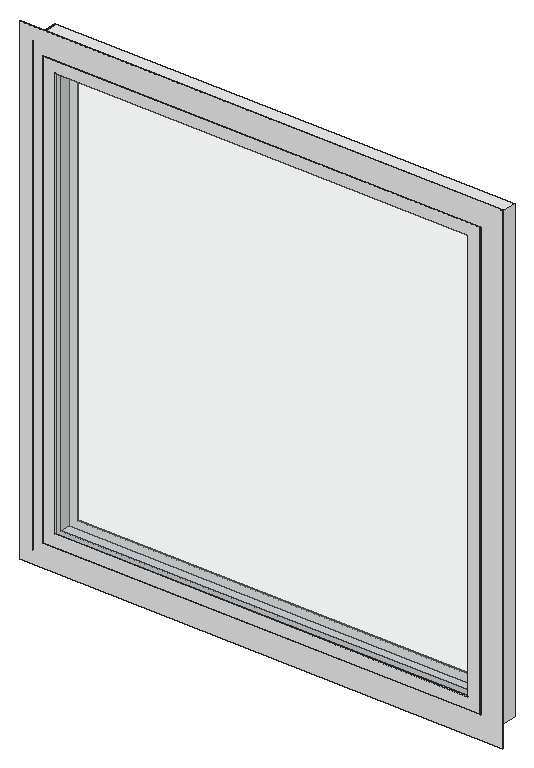
Revit family "Casement_28_B_Top_Hung_Custom", category Windows, host Wall, Revit 2014
Parameters (values of type "Casement_Sash_DG")
  Width Sash [instance] = 30 mm
  Width Sash Inner = 15 mm
  Width Bead = 15 mm
  Top Hung [instance] = yes
  Side Hung Right [instance] = yes
  Side Hung Left [instance] = yes
  Sash Opening Width [instance] = 600 mm
  Sash Opening Height [instance] = 600.312 mm
  Sash Lip = 15 mm
  Glazing Material [instance] = Glass
  DG Start Piece 2 [instance] = DG End Piece 1 + DG Gasket Thickness  # 25 mm
  DG Start Peice 1 [instance] = (Depth Sash - (2 * DG Glazing Thickness) - DG Gasket Thickness) / 2  # 6.6 mm
  Glazing Offset = 5 mm
  DG Glazing Thickness [instance] = 6.4 mm
  DG Gasket Thickness = 12 mm  # constant formula
  DG Gasket Material [instance] = none
  DG End Piece 2 [instance] = DG Start Piece 2 + DG Glazing Thickness  # 31.4 mm
  DG End Piece 1 [instance] = DG Start Peice 1 + DG Glazing Thickness  # 13 mm
  Depth Sash [instance] = 38 mm
  Center Vertical Sash [instance] = Sash Opening Height / 2  # 300.156 mm
  Center Horizontal Sash [instance] = Sash Opening Width / 2  # 300 mm
  Bottom Hung [instance] = yes
  Bead Offset = 15 mm
  Aluminium Thickness = 1 mm
  Aluminium Material [instance] = White Powder Coated Aluminium
Reference planes
  plane 1 "Center (Front/Back)": y = 0
  plane 2: z = 0
  plane 3 "Center (Left/Right)": x = 0
Forms (mm)
  Sweep 1, solid, material "White Powder Coated Aluminium" <- "Aluminium Material"
    path origin (16.177, 0, 121.331) x (1, 0, 0) y (0, 0, 1)
      loop
        line (0, 0) -> (600, 0) -> (600, 600.312) -> (0, 600.312) -> (0, 0)
    profile origin (316.177, 0, 121.331) x (0, 0, 1) y (0, -1, 0)
      loop
        line (0, 0) -> (30, 0) -> (30, 1) -> (15, 1) -> (15, 38) -> (-15, 38) -> (-15, 37) -> (0, 37) -> (0, 0)
      loop
        line (14, 1) -> (14, 37) -> (1, 37) -> (1, 1) -> (14, 1)
  Sweep 2, solid, material "White Powder Coated Aluminium" <- "Aluminium Material"
    path origin (0, 0, 0) x (1, 0, 0) y (0, 0, 1)
      loop
        line (31.177, 706.643) -> (31.177, 136.331) -> (601.177, 136.331) -> (601.177, 706.643) -> (31.177, 706.643)
    profile origin (316.177, 0, 706.643) x (0, 0, 1) y (0, -1, 0)
      loop
        line (0, 37) -> (0, 38) -> (-15, 38) -> (-15, 37) -> (0, 37)
  Extrusion 3, solid, material "Glass" <- "Glazing Material"
    sketch origin (0, 0, 0) x (1, 0, 0) y (0, 0, 1)
      loop
        line (36.177, 701.643) -> (36.177, 141.331) -> (596.177, 141.331) -> (596.177, 701.643) -> (36.177, 701.643)
    from 6.6 <- "DG Start Peice 1" to 13 <- "DG End Piece 1"
  Extrusion 4, solid, material "Glass" <- "Glazing Material"
    sketch origin (0, 0, 0) x (1, 0, 0) y (0, 0, 1)
      loop
        line (36.177, 701.643) -> (36.177, 141.331) -> (596.177, 141.331) -> (596.177, 701.643) -> (36.177, 701.643)
    from 31.4 <- "DG End Piece 2" to 25 <- "DG Start Piece 2"
  Sweep 5, solid, material <- "DG Gasket Material"
    path origin (0, -13, 0) x (1, 0, 0) y (0, 0, 1)
      loop
        line (36.177, 701.643) -> (36.177, 141.331) -> (596.177, 141.331) -> (596.177, 701.643) -> (36.177, 701.643)
    profile origin (316.177, -13, 701.643) x (0, 0, 1) y (0, -1, 0)
      loop
        line (0, 0) -> (0, 12) -> (-7.96, 12) -> (-7.96, 0) -> (0, 0)
Lines and regions (mm)
  model lines
    curve 1: line (1.177, -38, 736.643) -> (31.177, -38, 706.643)
    curve 2: line (601.177, -38, 706.643) -> (631.177, -38, 736.643)
    curve 3: line (601.177, -38, 136.331) -> (631.177, -38, 106.331)
    curve 4: line (1.177, -38, 106.331) -> (31.177, -38, 136.331)
    curve 5: line (631.177, -37, 736.643) -> (616.177, -37, 721.643)
    curve 6: line (1.177, -37, 736.643) -> (16.177, -37, 721.643)
    curve 7: line (1.177, -37, 106.331) -> (16.177, -37, 121.331)
    curve 8: line (631.177, -37, 106.331) -> (616.177, -37, 121.331)
    curve 9: line (616.177, 0, 121.331) -> (586.177, 0, 151.331)
    curve 10: line (46.177, 0, 151.331) -> (16.177, 0, 121.331)
    curve 11: line (616.177, 0, 721.643) -> (586.177, 0, 691.643)
    curve 12: line (46.177, 0, 691.643) -> (16.177, 0, 721.643)
    curve 13: line (31.177, -38, 691.643) -> (46.177, -38, 691.643)
    curve 14: line (586.177, -38, 691.643) -> (601.177, -38, 691.643)
    curve 15: line (586.177, -38, 151.331) -> (601.177, -38, 151.331)
    curve 16: line (31.177, -38, 151.331) -> (46.177, -38, 151.331)
  model lines, style "GenericModelHiddenLines", visible <- "Top Hung"
    curve 17: line (46.386, -31.4, 690.914) -> (316.177, -31.4, 151.331)
    curve 18: line (316.177, -31.4, 151.331) -> (586.177, -31.4, 691.331)
  model lines, style "GenericModelHiddenLines", visible <- "Bottom Hung"
    curve 19: line (46.177, -31.4, 151.331) -> (316.177, -31.4, 691.331)
    curve 20: line (316.177, -31.4, 691.331) -> (586.177, -31.4, 151.331)
  model lines, style "GenericModelHiddenLines", visible <- "Side Hung Left"
    curve 21: line (46.386, -31.4, 690.914) -> (585.24, -31.4, 421.487)
    curve 22: line (585.24, -31.4, 421.487) -> (46.177, -31.4, 151.331)
  model lines, style "GenericModelHiddenLines", visible <- "Side Hung Right"
    curve 23: line (586.177, -31.4, 691.331) -> (46.177, -31.4, 421.487)
    curve 24: line (46.177, -31.4, 421.487) -> (586.177, -31.4, 151.331)
Dimensions and locks
  "Aluminium Thickness": Sweep 1 sketch curve to Sweep 1 sketch curve  (x4)
  "Depth Sash": Sweep 1 sketch curve to Sweep 1 sketch curve
  "Sash Opening Width": Sweep 1 to Sweep 1
  "Sash Opening Height": Sweep 1 to Sweep 1
  "Width Sash": Sweep 1 sketch curve to Sweep 1 sketch curve  (x2)
  "Width Sash Inner": Sweep 1 sketch curve to Sweep 1 sketch curve
  "Sash Lip": Sweep 1 sketch curve to Sweep 1 sketch curve
  "Aluminium Thickness": Sweep 1 to Sweep 2 sketch curve
  "Glazing Offset": Sweep 2 to Extrusion 3 sketch curve  (x3)
  "Glazing Offset": Extrusion 3 sketch curve to Sweep 2
  Sweep 1 to Sweep 1 = 1 mm
  "Aluminium Thickness": Sweep 2 sketch curve to Sweep 2 sketch curve
  "Width Bead": Sweep 2 sketch curve to Sweep 2 sketch curve
  locked: Sweep 5 sketch curve to Sweep 5 sketch curve at 7.96
  "Center Horizontal Sash": Sweep 1 to curve 18
  "Center Horizontal Sash": Sweep 1 to curve 20
  "Center Vertical Sash": Sweep 1 to curve 22
  "Center Vertical Sash": Sweep 1 to curve 24
  aligned and locked: level to plane 2
  aligned and locked: Sweep 1 sketch curve to Sweep 1 sketch curve  (x2)
  aligned and locked: Sweep 2 sketch curve to Sweep 1  (x5)
  aligned and locked: Extrusion 4 sketch curve to Extrusion 3  (x4)
  aligned and locked: Sweep 5 sketch curve to Extrusion 3  (x5)
  aligned and locked: Extrusion 3 to Sweep 5 sketch curve
Automatic sketch dimensions
  plane 3 "Center (Left/Right)" to Sweep 1 sketch curve = 16.177 mm
  level to Sweep 1 sketch curve = 121.331 mm
  plane 3 "Center (Left/Right)" to Sweep 1 sketch curve = 616.177 mm
  level to Sweep 1 sketch curve = 721.643 mm
  profile plane to Sweep 5 sketch curve = 12 mm
  curve 7 to Sweep 1 = 0 mm  (x4)
  curve 6 to Sweep 1 = 0 mm  (x3)
  Sweep 1 to curve 6 = 0 mm
  curve 5 to Sweep 1 = 0 mm  (x3)
  curve 8 to Sweep 1 = 0 mm  (x4)
  Sweep 1 to curve 5 = 0 mm
  curve 16 to Sweep 2 = 0 mm  (x3)
  curve 13 to Sweep 2 = 0 mm  (x3)
  curve 15 to Sweep 2 = 0 mm
  Sweep 2 to curve 15 = 0 mm  (x2)
  curve 14 to Sweep 2 = 0 mm  (x2)
  Sweep 2 to curve 14 = 0 mm
  curve 1 to Sweep 1 = 0 mm  (x4)
  curve 4 to Sweep 1 = 0 mm  (x3)
  Sweep 1 to curve 4 = 0 mm
  curve 3 to Sweep 1 = 0 mm  (x3)
  curve 2 to Sweep 1 = 0 mm  (x4)
  Sweep 1 to curve 3 = 0 mm
  curve 10 to Sweep 1 = 0 mm  (x4)
  curve 12 to Sweep 1 = 0 mm  (x3)
  Sweep 1 to curve 12 = 0 mm
  curve 9 to Sweep 1 = 0 mm  (x4)
  curve 11 to Sweep 1 = 0 mm  (x3)
  Sweep 1 to curve 11 = 0 mm
  Sweep 1 sketch curve to plane 1 "Center (Front/Back)" = 0 mm
  profile plane to Sweep 1 sketch curve = 0 mm
  curve 21 to Extrusion 4 = 10.208 mm
  curve 19 to Extrusion 4 = 10 mm
  curve 23 to Extrusion 4 = 10 mm  (x2)
  curve 22 to Extrusion 4 = 10.937 mm
  curve 20 to Extrusion 4 = 10 mm
  curve 24 to Extrusion 4 = 10 mm
  curve 22 to Extrusion 4 = 10 mm
  curve 18 to Extrusion 4 = 10 mm
  curve 21 to Extrusion 4 = 10.729 mm
  curve 19 to Extrusion 4 = 10.312 mm
  curve 18 to Extrusion 4 = 10.312 mm
